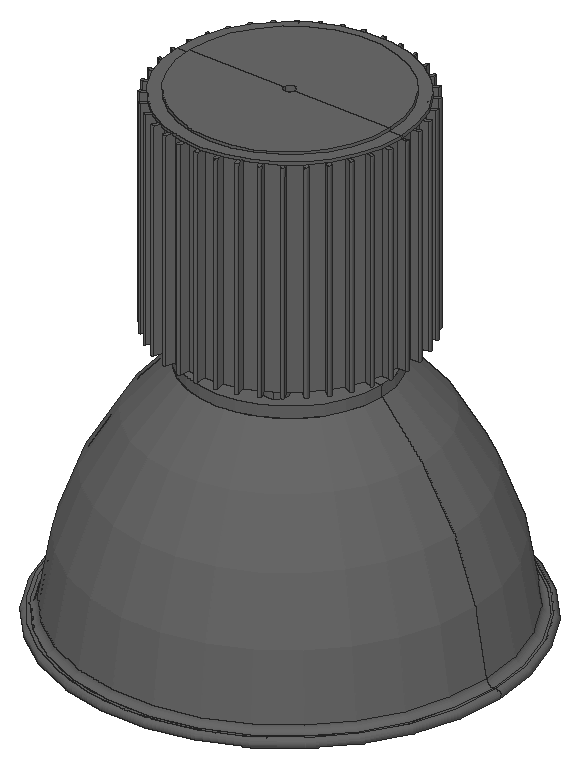
Revit family "DHS16", category Lighting Fixtures, Revit 2024
Family settings
  Round Connector Dimension = Use Diameter
  Part Type = Normal
  OmniClass Number = 23.80.70.00
  OmniClass Title = Lighting
  Work Plane-Based = No
  Always vertical = Yes
  Cut with Voids When Loaded = No
  Light Source = No
  Maintain Annotation Orientation = No
  Shared = No
  Room Calculation Point = No
Parameters
  Default Elevation = 0' - 0"
Reference planes (in)
  plane 1 "Light Source Axis (F/B)": y = 0
  plane 2: z = 0
  plane 3 "Light Source Axis (L/R)": x = 0
  plane 4 "Light Source Elevation": z = 54
Forms (in)
  Sweep 1, solid, material "GLASS SHADE", not visible
    path origin (75.968, 0, 0.00093) x (1, 0, 0) y (0, 0, 1)
      loop
        arc (-4.5864, 68.3252) -> (-8.91952, 61.72019) -> (-10.59309, 54) r 21.63816
    profile origin (67.04848, 0, 61.72112) x (0.922209, 0, -0.386691) y (0, -1, 0)
      loop
        circle (0, 0) r 0.03125
  Extrusion 2, solid, material "61"
    sketch origin (-46.69817, -17.29952, 64) x (1, 0, 0) y (0, 1, 0)
      loop
        arc (46.63567, 21.42405) -> (46.37452, 21.41181) -> (46.11468, 21.38305) r 4.125
        line (46.11468, 21.38305) -> (46.06572, 21.69217)
        arc (46.06572, 21.69217) -> (45.99421, 21.74412) -> (45.94226, 21.67261) r 0.0625
        line (45.94226, 21.67261) -> (45.99122, 21.36349)
        arc (45.99122, 21.36349) -> (45.73521, 21.31055) -> (45.48306, 21.24149) r 4.125
        line (45.48306, 21.24149) -> (45.38635, 21.53915)
        arc (45.38635, 21.53915) -> (45.30759, 21.57928) -> (45.26746, 21.50052) r 0.0625
        line (45.26746, 21.50052) -> (45.36418, 21.20287)
        arc (45.36418, 21.20287) -> (45.1196, 21.11053) -> (44.88136, 21.00288) r 4.125
        line (44.88136, 21.00288) -> (44.73927, 21.28174)
        arc (44.73927, 21.28174) -> (44.65521, 21.30905) -> (44.6279, 21.22499) r 0.0625
        line (44.6279, 21.22499) -> (44.76998, 20.94613)
        arc (44.76998, 20.94613) -> (44.54286, 20.81666) -> (44.3244, 20.67307) r 4.125
        line (44.3244, 20.67307) -> (44.14043, 20.92627)
        arc (44.14043, 20.92627) -> (44.05313, 20.9401) -> (44.03931, 20.8528) r 0.0625
        line (44.03931, 20.8528) -> (44.22327, 20.5996)
        arc (44.22327, 20.5996) -> (44.01919, 20.4362) -> (43.82588, 20.2602) r 4.125
        line (43.82588, 20.2602) -> (43.60458, 20.4815)
        arc (43.60458, 20.4815) -> (43.51619, 20.4815) -> (43.51619, 20.39311) r 0.0625
        line (43.51619, 20.39311) -> (43.73749, 20.17181)
        arc (43.73749, 20.17181) -> (43.56149, 19.9785) -> (43.39809, 19.77442) r 4.125
        line (43.39809, 19.77442) -> (43.14489, 19.95838)
        arc (43.14489, 19.95838) -> (43.05759, 19.94456) -> (43.07142, 19.85726) r 0.0625
        line (43.07142, 19.85726) -> (43.32462, 19.67329)
        arc (43.32462, 19.67329) -> (43.18103, 19.45483) -> (43.05156, 19.22771) r 4.125
        line (43.05156, 19.22771) -> (42.7727, 19.36979)
        arc (42.7727, 19.36979) -> (42.68864, 19.34248) -> (42.71595, 19.25842) r 0.0625
        line (42.71595, 19.25842) -> (42.99481, 19.11633)
        arc (42.99481, 19.11633) -> (42.88716, 18.87809) -> (42.79482, 18.63351) r 4.125
        line (42.79482, 18.63351) -> (42.49717, 18.73023)
        arc (42.49717, 18.73023) -> (42.41841, 18.6901) -> (42.45854, 18.61134) r 0.0625
        line (42.45854, 18.61134) -> (42.7562, 18.51463)
        arc (42.7562, 18.51463) -> (42.68714, 18.26248) -> (42.6342, 18.00647) r 4.125
        line (42.6342, 18.00647) -> (42.32508, 18.05543)
        arc (42.32508, 18.05543) -> (42.25357, 18.00348) -> (42.30552, 17.93197) r 0.0625
        line (42.30552, 17.93197) -> (42.61464, 17.88301)
        arc (42.61464, 17.88301) -> (42.58588, 17.62317) -> (42.57364, 17.36202) r 4.125
        line (42.57364, 17.36202) -> (42.26067, 17.36202)
        arc (42.26067, 17.36202) -> (42.19817, 17.29952) -> (42.26067, 17.23702) r 0.0625
        line (42.26067, 17.23702) -> (42.57364, 17.23702)
        arc (42.57364, 17.23702) -> (42.58588, 16.97588) -> (42.61464, 16.71603) r 4.125
        line (42.61464, 16.71603) -> (42.30552, 16.66707)
        arc (42.30552, 16.66707) -> (42.25357, 16.59557) -> (42.32508, 16.54361) r 0.0625
        line (42.32508, 16.54361) -> (42.6342, 16.59257)
        arc (42.6342, 16.59257) -> (42.68714, 16.33656) -> (42.7562, 16.08441) r 4.125
        line (42.7562, 16.08441) -> (42.45854, 15.9877)
        arc (42.45854, 15.9877) -> (42.41841, 15.90895) -> (42.49717, 15.86882) r 0.0625
        line (42.49717, 15.86882) -> (42.79482, 15.96553)
        arc (42.79482, 15.96553) -> (42.88716, 15.72095) -> (42.99481, 15.48271) r 4.125
        line (42.99481, 15.48271) -> (42.71595, 15.34063)
        arc (42.71595, 15.34063) -> (42.68864, 15.25657) -> (42.7727, 15.22925) r 0.0625
        line (42.7727, 15.22925) -> (43.05156, 15.37134)
        arc (43.05156, 15.37134) -> (43.18103, 15.14422) -> (43.32462, 14.92575) r 4.125
        line (43.32462, 14.92575) -> (43.07142, 14.74179)
        arc (43.07142, 14.74179) -> (43.05759, 14.65449) -> (43.14489, 14.64066) r 0.0625
        line (43.14489, 14.64066) -> (43.39809, 14.82462)
        arc (43.39809, 14.82462) -> (43.56149, 14.62055) -> (43.73749, 14.42724) r 4.125
        line (43.73749, 14.42724) -> (43.51619, 14.20593)
        arc (43.51619, 14.20593) -> (43.51619, 14.11754) -> (43.60458, 14.11754) r 0.0625
        line (43.60458, 14.11754) -> (43.82588, 14.33885)
        arc (43.82588, 14.33885) -> (44.01919, 14.16285) -> (44.22327, 13.99945) r 4.125
        line (44.22327, 13.99945) -> (44.03931, 13.74625)
        arc (44.03931, 13.74625) -> (44.05313, 13.65895) -> (44.14043, 13.67277) r 0.0625
        line (44.14043, 13.67277) -> (44.3244, 13.92597)
        arc (44.3244, 13.92597) -> (44.54286, 13.78238) -> (44.76998, 13.65292) r 4.125
        line (44.76998, 13.65292) -> (44.6279, 13.37406)
        arc (44.6279, 13.37406) -> (44.65521, 13.28999) -> (44.73927, 13.31731) r 0.0625
        line (44.73927, 13.31731) -> (44.88136, 13.59617)
        arc (44.88136, 13.59617) -> (45.1196, 13.48852) -> (45.36418, 13.39618) r 4.125
        line (45.36418, 13.39618) -> (45.26746, 13.09852)
        arc (45.26746, 13.09852) -> (45.30759, 13.01977) -> (45.38635, 13.0599) r 0.0625
        line (45.38635, 13.0599) -> (45.48306, 13.35755)
        arc (45.48306, 13.35755) -> (45.73521, 13.2885) -> (45.99122, 13.23555) r 4.125
        line (45.99122, 13.23555) -> (45.94226, 12.92643)
        arc (45.94226, 12.92643) -> (45.99421, 12.85492) -> (46.06572, 12.90688) r 0.0625
        line (46.06572, 12.90688) -> (46.11468, 13.216)
        arc (46.11468, 13.216) -> (46.37452, 13.18724) -> (46.63567, 13.175) r 4.125
        line (46.63567, 13.175) -> (46.63567, 12.86202)
        arc (46.63567, 12.86202) -> (46.69817, 12.79952) -> (46.76067, 12.86202) r 0.0625
        line (46.76067, 12.86202) -> (46.76067, 13.175)
        arc (46.76067, 13.175) -> (47.02181, 13.18724) -> (47.28166, 13.216) r 4.125
        line (47.28166, 13.216) -> (47.33062, 12.90688)
        arc (47.33062, 12.90688) -> (47.40212, 12.85492) -> (47.45408, 12.92643) r 0.0625
        line (47.45408, 12.92643) -> (47.40512, 13.23555)
        arc (47.40512, 13.23555) -> (47.66113, 13.2885) -> (47.91328, 13.35755) r 4.125
        line (47.91328, 13.35755) -> (48.00999, 13.0599)
        arc (48.00999, 13.0599) -> (48.08874, 13.01977) -> (48.12887, 13.09852) r 0.0625
        line (48.12887, 13.09852) -> (48.03216, 13.39618)
        arc (48.03216, 13.39618) -> (48.27674, 13.48852) -> (48.51498, 13.59617) r 4.125
        line (48.51498, 13.59617) -> (48.65706, 13.31731)
        arc (48.65706, 13.31731) -> (48.74112, 13.28999) -> (48.76844, 13.37406) r 0.0625
        line (48.76844, 13.37406) -> (48.62635, 13.65292)
        arc (48.62635, 13.65292) -> (48.85347, 13.78238) -> (49.07194, 13.92597) r 4.125
        line (49.07194, 13.92597) -> (49.2559, 13.67277)
        arc (49.2559, 13.67277) -> (49.3432, 13.65895) -> (49.35703, 13.74625) r 0.0625
        line (49.35703, 13.74625) -> (49.17307, 13.99945)
        arc (49.17307, 13.99945) -> (49.37714, 14.16285) -> (49.57045, 14.33885) r 4.125
        line (49.57045, 14.33885) -> (49.79176, 14.11754)
        arc (49.79176, 14.11754) -> (49.88015, 14.11754) -> (49.88015, 14.20593) r 0.0625
        line (49.88015, 14.20593) -> (49.65884, 14.42724)
        arc (49.65884, 14.42724) -> (49.83484, 14.62055) -> (49.99824, 14.82462) r 4.125
        line (49.99824, 14.82462) -> (50.25144, 14.64066)
        arc (50.25144, 14.64066) -> (50.33874, 14.65449) -> (50.32492, 14.74179) r 0.0625
        line (50.32492, 14.74179) -> (50.07172, 14.92575)
        arc (50.07172, 14.92575) -> (50.21531, 15.14422) -> (50.34477, 15.37134) r 4.125
        line (50.34477, 15.37134) -> (50.62363, 15.22925)
        arc (50.62363, 15.22925) -> (50.7077, 15.25657) -> (50.68038, 15.34063) r 0.0625
        line (50.68038, 15.34063) -> (50.40152, 15.48271)
        arc (50.40152, 15.48271) -> (50.50917, 15.72095) -> (50.60151, 15.96553) r 4.125
        line (50.60151, 15.96553) -> (50.89917, 15.86882)
        arc (50.89917, 15.86882) -> (50.97792, 15.90895) -> (50.93779, 15.9877) r 0.0625
        line (50.93779, 15.9877) -> (50.64014, 16.08441)
        arc (50.64014, 16.08441) -> (50.70919, 16.33656) -> (50.76214, 16.59257) r 4.125
        line (50.76214, 16.59257) -> (51.07126, 16.54361)
        arc (51.07126, 16.54361) -> (51.14277, 16.59557) -> (51.09081, 16.66707) r 0.0625
        line (51.09081, 16.66707) -> (50.78169, 16.71603)
        arc (50.78169, 16.71603) -> (50.81045, 16.97588) -> (50.82269, 17.23702) r 4.125
        line (50.82269, 17.23702) -> (51.13567, 17.23702)
        arc (51.13567, 17.23702) -> (51.19817, 17.29952) -> (51.13567, 17.36202) r 0.0625
        line (51.13567, 17.36202) -> (50.82269, 17.36202)
        arc (50.82269, 17.36202) -> (50.81045, 17.62317) -> (50.78169, 17.88301) r 4.125
        line (50.78169, 17.88301) -> (51.09081, 17.93197)
        arc (51.09081, 17.93197) -> (51.14277, 18.00348) -> (51.07126, 18.05543) r 0.0625
        line (51.07126, 18.05543) -> (50.76214, 18.00647)
        arc (50.76214, 18.00647) -> (50.70919, 18.26248) -> (50.64014, 18.51463) r 4.125
        line (50.64014, 18.51463) -> (50.93779, 18.61134)
        arc (50.93779, 18.61134) -> (50.97792, 18.6901) -> (50.89917, 18.73023) r 0.0625
        line (50.89917, 18.73023) -> (50.60151, 18.63351)
        arc (50.60151, 18.63351) -> (50.50917, 18.87809) -> (50.40152, 19.11633) r 4.125
        line (50.40152, 19.11633) -> (50.68038, 19.25842)
        arc (50.68038, 19.25842) -> (50.7077, 19.34248) -> (50.62363, 19.36979) r 0.0625
        line (50.62363, 19.36979) -> (50.34477, 19.22771)
        arc (50.34477, 19.22771) -> (50.21531, 19.45483) -> (50.07172, 19.67329) r 4.125
        line (50.07172, 19.67329) -> (50.32492, 19.85726)
        arc (50.32492, 19.85726) -> (50.33874, 19.94456) -> (50.25144, 19.95838) r 0.0625
        line (50.25144, 19.95838) -> (49.99824, 19.77442)
        arc (49.99824, 19.77442) -> (49.83484, 19.9785) -> (49.65884, 20.17181) r 4.125
        line (49.65884, 20.17181) -> (49.88015, 20.39311)
        arc (49.88015, 20.39311) -> (49.88015, 20.4815) -> (49.79176, 20.4815) r 0.0625
        line (49.79176, 20.4815) -> (49.57045, 20.2602)
        arc (49.57045, 20.2602) -> (49.37714, 20.4362) -> (49.17307, 20.5996) r 4.125
        line (49.17307, 20.5996) -> (49.35703, 20.8528)
        arc (49.35703, 20.8528) -> (49.3432, 20.9401) -> (49.2559, 20.92627) r 0.0625
        line (49.2559, 20.92627) -> (49.07194, 20.67307)
        arc (49.07194, 20.67307) -> (48.85347, 20.81666) -> (48.62635, 20.94613) r 4.125
        line (48.62635, 20.94613) -> (48.76844, 21.22499)
        arc (48.76844, 21.22499) -> (48.74112, 21.30905) -> (48.65706, 21.28174) r 0.0625
        line (48.65706, 21.28174) -> (48.51498, 21.00288)
        arc (48.51498, 21.00288) -> (48.27674, 21.11053) -> (48.03216, 21.20287) r 4.125
        line (48.03216, 21.20287) -> (48.12887, 21.50052)
        arc (48.12887, 21.50052) -> (48.08874, 21.57928) -> (48.00999, 21.53915) r 0.0625
        line (48.00999, 21.53915) -> (47.91328, 21.24149)
        arc (47.91328, 21.24149) -> (47.66113, 21.31055) -> (47.40512, 21.36349) r 4.125
        line (47.40512, 21.36349) -> (47.45408, 21.67261)
        arc (47.45408, 21.67261) -> (47.40212, 21.74412) -> (47.33062, 21.69217) r 0.0625
        line (47.33062, 21.69217) -> (47.28166, 21.38305)
        arc (47.28166, 21.38305) -> (47.02181, 21.41181) -> (46.76067, 21.42405) r 4.125
        line (46.76067, 21.42405) -> (46.76067, 21.73702)
        arc (46.76067, 21.73702) -> (46.69817, 21.79952) -> (46.63567, 21.73702) r 0.0625
        line (46.63567, 21.73702) -> (46.63567, 21.42405)
    from 0 to 7.80732
  Revolve 3, solid, material "61"
    sketch origin (0, 0, -2) x (1, 0, 0) y (0, 0, 1)
      loop
        line (0.20328, 74) -> (0.20328, 73.80732) -> (4.2478, 73.80732) -> (4.2478, 73.91001) -> (3.80087, 73.91001) -> (3.80087, 74) -> (0.20328, 74)
      loop
        line (3.83475, 66) -> (0, 66) -> (0, 65.91001) -> (3.83475, 65.91001) -> (3.83475, 66)
      loop
        line (0, 65.175) -> (0, 65.09164) -> (3.42335, 65.09164) -> (3.42335, 64.76446) -> (3.5, 64.76446) -> (3.5, 65.175) -> (0, 65.175)
      axis (0, 74) -> (0, 64.76446)
    angle from 0 to 360
  Revolve 4, solid, material "61"
    sketch origin (-2.65723, 0, -2) x (1, 0, 0) y (0, 0, 1)
      loop
        line (0.41619, 65.91001) -> (0, 65.91001) -> (0, 65.175) -> (0.41619, 65.175) -> (0.41619, 65.91001)
      axis (0, 65.175) -> (0, 65.91001)
    angle from 0 to 360
  Revolve 5, solid, material "61"
    sketch origin (1.32861, 2.30123, -2) x (-0.5, -0.866025, 0) y (0, 0, 1)
      loop
        line (0.41619, 65.91001) -> (0, 65.91001) -> (0, 65.175) -> (0.41619, 65.175) -> (0.41619, 65.91001)
      axis (0, 65.175) -> (0, 65.91001)
    angle from 0 to 360
  Revolve 6, solid, material "61"
    sketch origin (1.32861, -2.30123, -2) x (-0.5, 0.866025, 0) y (0, 0, 1)
      loop
        line (0.41619, 65.91001) -> (0, 65.91001) -> (0, 65.175) -> (0.41619, 65.175) -> (0.41619, 65.91001)
      axis (0, 65.175) -> (0, 65.91001)
    angle from 0 to 360
  Revolve 7, solid, material "61"
    sketch origin (0, 0, 0) x (1, 0, 0) y (0, 0, 1)
      loop
        arc (7.48441, 54.57195) -> (6.25221, 59.03783) -> (3.5, 62.76446) r 12.69784
        line (3.5, 62.76446) -> (3.42335, 62.76446) -> (3.42335, 62.70775)
        arc (3.42335, 62.70775) -> (6.16401, 59.00481) -> (7.39096, 54.56436) r 12.60409
        arc (7.39096, 54.56436) -> (7.48099, 54.35773) -> (7.67967, 54.25129) r 0.34375
        arc (7.67967, 54.25129) -> (7.91692, 54.02407) -> (7.82962, 54.34077) r 0.17038
        line (7.82962, 54.34077) -> (7.7337, 54.34077)
        arc (7.7337, 54.34077) -> (7.5637, 54.40746) -> (7.48441, 54.57195) r 0.25
      axis (0, 62.76446) -> (0, 54.25129)
    angle from 0 to 360
Dimensions and locks (in)
  aligned and locked: level to plane 2
